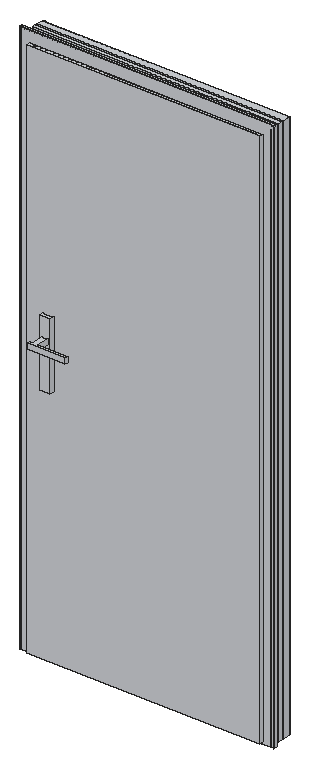
Revit family "ROMA_pojedyncze_pr", category Drzwi, Revit 2016
Family settings
  Obiekt nadrzędny = Ściana
  Zawsze pionowo = Tak
  Tnij formami wycięć po wczytaniu = Nie
  Współdzielony = Nie
  Punkt obliczania pomieszczeń = Nie
Parameters (values of type "PN 80")
  Wysokość = 2075 mm
  Zakończenie ściany = Wg obiektu nadrzędnego
  URL = "www.porta.com.pl"
  Szerokość = 940 mm
  Ss = 868 mm
  Sb = 920 mm
  Producent = "PORTA KMI POLAND"  # constant formula
  Description = ""
  Materiał_skrzydło [instance] = none
  Materiał_ościeżnica [instance] = none
  Materiał_klamka [instance] = none
  Konstrukcja analityczna = "<Brak>"
  Informacja = "Własność Porta KMI Poland, wszelkie prawa zastrzeżone."  # constant formula
  Hs = 2030 mm
  Funkcja = Wewnętrzna
Types (3, lengths in mm): name | Szerokość | Ss | Sb
  PN 80 | 940 | 868 | 920
  PN 90 | 1040 | 968 | 1020
  PN 100 | 1140 | 1068 | 1120
Reference planes
  plane 1: y = 0
  plane 2 "Środek (Lewa/Prawa)": x = 0
  plane 3 "Lewy": x = -470
  plane 4 "Prawy": x = 470
  plane 5: z = 2075
  plane 6 "Zewnętrzna": y = 75
  plane 7 "Wewnętrzna": y = -75
  plane 8 "skrzydło": y = -45
Forms (mm)
  Sweep 1, solid, material <- "Materiał_ościeżnica"
    path in 3D
      loop
        line (-470, -75, 0) -> (-470, -75, 2075) -> (470, -75, 2075) -> (470, -75, 0)
    profile origin (-470, -75, 1037.5) x (0, -1, 0) y (1, 0, 0)
      loop
        arc (10, 42.5) -> (9.268, 44.268) -> (7.5, 45) r 2.5
        line (7.5, 45) -> (-32, 45) -> (-32, 60) -> (-78.5, 60)
        arc (-78.5, 60) -> (-80.621, 59.121) -> (-81.5, 57) r 3
        line (-81.5, 57) -> (-81.5, 13)
        arc (-81.5, 13) -> (-80.621, 10.879) -> (-78.5, 10) r 3
        line (-78.5, 10) -> (-52.5, 10) -> (-52.5, 18) -> (-42.5, 18) -> (-42.5, 10) -> (-30.5, 10) -> (-30.5, 18) -> (-20.5, 18) -> (-20.5, 10) -> (8.5, 10) -> (8.5, -2.5)
        arc (8.5, -2.5) -> (8.207, -3.207) -> (7.5, -3.5) r 1
        line (7.5, -3.5) -> (0, -3.5) -> (0, -5) -> (7.5, -5)
        arc (7.5, -5) -> (9.268, -4.268) -> (10, -2.5) r 2.5
        line (10, -2.5) -> (10, 42.5)
Lines and regions (mm)
  Opening 1
    outline origin (-3050, -75, 0) x (1, 0, 0) y (0, 0, 1)
      loop
        line (2580, 0) -> (3520, 0) -> (3520, 2075) -> (2580, 2075) -> (2580, 0)
  symbolic lines, style "DoorsPanelProjection"
    curve 1: line (434, -75, 0) -> (434, -943, 0)
    curve 2: line (434, -943, 0) -> (378, -943, 0)
    curve 3: line (378, -943, 0) -> (378, -75, 0)
    curve 4: line (378, -75, 0) -> (434, -75, 0)
  symbolic lines, style "Plan Swing"
    curve 5: arc (-434, -75, 0) -> (-179.769, -688.769, 0) -> (434, -943, 0) r 868
  sketch lines
    curve 6: line (-470, -75, 0) -> (-470, -75, 2075)
    curve 7: line (-470, -75, 2075) -> (470, -75, 2075)
    curve 8: line (470, -75, 2075) -> (470, -75, 0)
Text (mm)
  text "Zewnętrzna" at (-2295.016, 1099.543, 0), in view "Poziom odniesienia"
  text "Zewnętrzna" at (0, 1615.38, 3698.081), in view "Lewy"
  text "Zewnętrzna" at (0, 1036.032, 3874.932), in view "Prawy"
Dimensions and locks
  equal spacing: plane 3 "Lewy", plane 2 "Środek (Lewa/Prawa)", plane 4 "Prawy"
  "Szerokość": plane 3 "Lewy" to plane 4 "Prawy"
  "Wysokość": plane 5 to host wall
  host wall to plane 5 = 2075 mm  (x2)
  locked: plane 6 "Zewnętrzna" to host wall at 0
  locked: plane 7 "Wewnętrzna" to host wall
  "Ss": curve 2 to plane 7 "Wewnętrzna"
  locked: curve 3 to curve 1 at 56
  equal spacing: curve 5, plane 2 "Środek (Lewa/Prawa)", curve 1
  locked: plane 7 "Wewnętrzna" to plane 8 "skrzydło" at 30
  equal spacing: nested 1, plane 2 "Środek (Lewa/Prawa)", nested 1
  locked: nested 1 to level at 8
  "Sb": Sweep 1 to Sweep 1
  aligned and locked: plane 3 "Lewy" to Opening 1 sketch curve
  aligned and locked: plane 5 to Opening 1 sketch curve  (x2)
  aligned and locked: Opening 1 sketch curve to plane 4 "Prawy"
  aligned and locked: Opening 1 sketch curve to level
  aligned and locked: plane 1 to host wall
  aligned and locked: plane 8 "skrzydło" to nested 1
Automatic sketch dimensions
  curve 3 to host wall = 0 mm
  curve 5 to host wall = 0 mm
  Sweep 1 sketch curve to Sweep 1 sketch curve = 0 mm  (x4)
  profile plane to Sweep 1 sketch curve = 81.5 mm
  Sweep 1 sketch curve to Sweep 1 sketch curve = 3 mm  (x2)
  Sweep 1 sketch curve to Sweep 1 sketch curve = 26 mm
  Sweep 1 sketch curve to Sweep 1 sketch curve = 10 mm  (x2)
  Sweep 1 sketch curve to Sweep 1 sketch curve = 10.5 mm
  Sweep 1 sketch curve to Sweep 1 sketch curve = 12 mm
  Sweep 1 sketch curve to Sweep 1 sketch curve = 20.5 mm
  Sweep 1 sketch curve to Sweep 1 sketch curve = 7.5 mm
  Sweep 1 sketch curve to Sweep 1 sketch curve = 28 mm
  Sweep 1 sketch curve to Sweep 1 sketch curve = 1 mm
  Sweep 1 sketch curve to Sweep 1 sketch curve = 2.5 mm
  Sweep 1 sketch curve to profile plane = 5 mm
  Sweep 1 sketch curve to Sweep 1 sketch curve = 13.5 mm
  Sweep 1 sketch curve to Sweep 1 sketch curve = 12.5 mm
  Sweep 1 sketch curve to Sweep 1 sketch curve = 8 mm  (x2)
  Sweep 1 sketch curve to Sweep 1 sketch curve = 32.5 mm
  Sweep 1 sketch curve to Sweep 1 sketch curve = 44 mm
Nested families
  nested 1: "ROMA Premium" at (0, -51.5, 0), Materiał_skrzydło_płyta <- "Materiał_skrzydło", Materiał_klamka <- "Materiał_klamka", type "ROMA Premium"
    with Materiał_skrzydło_płyta none, Materiał_klamka none, Ss 868 mm
Definition of nested family "ROMA Premium"
  Parameters
    Ss = 968 mm
    Materiał_skrzydło_płyta [instance] = none
    Materiał_klamka [instance] = none
    Assembly Code = ""
    Hs = 2030 mm
  Reference planes
    plane 1 "Tył": y = 6.5
    plane 2: z = 0
    plane 3 "Środek (Lewa/Prawa)": x = 0
    plane 4 "Lewa": x = -484
    plane 5 "Prawa": x = 484
    plane 6 "Przód": y = -49.5
    plane 7: z = 2038
    plane 8: x = -471
    plane 9: z = 8
    plane 10: x = 471
    plane 11: z = 2025
  Forms (mm)
    Extrusion 1, solid, material <- "Materiał_skrzydło_płyta"
      sketch origin (0, 6.5, 0) x (1, 0, 0) y (0, 0, 1)
        loop
          line (-471, 2025) -> (-471, 8) -> (471, 8) -> (471, 2025) -> (-471, 2025)
      from 0 to 42
    Extrusion 2, solid, material <- "Materiał_skrzydło_płyta"
      sketch origin (0, -49.5, 0) x (-1, 0, 0) y (0, 0, 1)
        loop
          line (484, 2038) -> (-484, 2038) -> (-484, 8) -> (484, 8) -> (484, 2038)
      from 0 to 14
  Lines and regions (mm)
    symbolic lines
      curve 1: line (484, -20, 8) -> (-484, -20, 8)
      curve 2: line (484, -20, 2038) -> (484, -20, 8)
      curve 3: line (-484, -20, 8) -> (-484, -20, 2038)
      curve 4: line (-484, -20, 2038) -> (484, -20, 2038)
  Dimensions and locks
    equal spacing: plane 4 "Lewa", plane 3 "Środek (Lewa/Prawa)", plane 5 "Prawa"
    "Ss": plane 4 "Lewa" to plane 5 "Prawa"
    locked: plane 4 "Lewa" to plane 8 at 13
    locked: plane 9 to level at 8
    "Hs": plane 7 to plane 9
    locked: plane 5 "Prawa" to plane 10 at 13
    locked: plane 8 to nested 1 at 45
    locked: nested 1 to plane 9 at 905
    locked: nested 3 to Extrusion 1 at 45
    locked: plane 9 to nested 3 at 905
    locked: plane 1 "Tył" to plane 6 "Przód" at 56
    locked: plane 7 to plane 11 at 13
    aligned and locked: plane 8 to Extrusion 1 sketch curve
    aligned and locked: Extrusion 1 sketch curve to plane 10
    aligned and locked: plane 9 to Extrusion 1 sketch curve
    aligned and locked: Extrusion 2 sketch curve to plane 9
    aligned and locked: Extrusion 2 sketch curve to plane 7
    aligned and locked: Extrusion 2 to Extrusion 1
    aligned and locked: nested 1 to plane 6 "Przód"
    aligned and locked: Extrusion 2 sketch curve to plane 5 "Prawa"
    aligned and locked: Extrusion 2 sketch curve to plane 4 "Lewa"
    aligned and locked: curve 1 to Extrusion 2
    aligned and locked: curve 2 to Extrusion 2
    aligned and locked: curve 3 to Extrusion 2
    aligned and locked: curve 4 to Extrusion 2
    aligned and locked: plane 3 "Środek (Lewa/Prawa)" to nested 2
    aligned and locked: plane 11 to Extrusion 1 sketch curve
  Automatic sketch dimensions
    curve 2 to plane 5 "Prawa" = 0 mm
    curve 1 to plane 4 "Lewa" = 0 mm
    curve 1 to plane 9 = 0 mm
  Nested families
    nested 1: "KLAMKA" at (-406, -49.5, 1038), Materiał klamki <- "Materiał_klamka", type "KLAMKA"
      with Materiał klamki none
    nested 2: "logo_porta" at (0, 6.5, 110) x (1, 0, 0) z (0, -1, 0), type "logo_porta"
    nested 3: "KLAMKA" at (-406, 6.5, 1038), Materiał klamki <- "Materiał_klamka", type "KLAMKA"
      with Materiał klamki none
  Definition of nested family "KLAMKA"
    Parameters
      Materiał klamki [instance] = none
      Assembly Code = ""
      Default Elevation = 1219.2 mm
    Reference planes
      plane 1 "Center (Front/Back)": y = 0
      plane 2: z = 0
      plane 3 "Center (Left/Right)": x = 0
      plane 4: z = 125
      plane 5: z = -125
      plane 6: x = 20
      plane 7: x = -20
      plane 8: y = -70
      plane 9: y = -60
      plane 10: x = 10
      plane 11: x = -10
      plane 12: x = 120
      plane 13: z = 35
      plane 14: z = 55
      plane 15: y = -15
    Forms (mm)
      Extrusion 1, solid, material <- "Materiał klamki"
        sketch origin (0, 0, 0) x (1, 0, 0) y (0, 0, 1)
          loop
            line (-20, 125) -> (-20, -125) -> (20, -125) -> (20, 125) -> (-20, 125)
        from 0 to 15
      Extrusion 2, solid, material <- "Materiał klamki"
        sketch origin (0, 0, 0) x (1, 0, 0) y (0, 1, 0)
          loop
            line (-10, -15) -> (-10, -60) -> (-20, -60) -> (-20, -70) -> (120, -70) -> (120, -60) -> (10, -60) -> (10, -15) -> (-10, -15)
        from 35 to 55
    Dimensions and locks
      equal spacing: plane 4, plane 2, plane 5
      plane 4 to plane 5 = 250 mm
      equal spacing: plane 7, plane 3 "Center (Left/Right)", plane 6
      plane 7 to plane 6 = 40 mm
      plane 8 to plane 1 "Center (Front/Back)" = 70 mm
      plane 11 to plane 3 "Center (Left/Right)" to plane 10 = 10 mm locked, 10 mm locked
      plane 7 to plane 12 = 140 mm
      plane 15 to plane 1 "Center (Front/Back)" = 15 mm
      aligned and locked: plane 7 to Extrusion 1 sketch curve
      aligned and locked: Extrusion 1 sketch curve to plane 4
      aligned and locked: plane 5 to Extrusion 1 sketch curve
      aligned and locked: Extrusion 1 sketch curve to plane 6
      aligned and locked: plane 15 to Extrusion 1
      aligned and locked: Extrusion 1 to plane 1 "Center (Front/Back)"
      aligned and locked: plane 14 to Extrusion 2
      aligned and locked: Extrusion 2 to plane 13
    Automatic sketch dimensions
      Extrusion 2 sketch curve to plane 7 = 0 mm
      Extrusion 2 sketch curve to plane 9 = 0 mm  (x2)
      Extrusion 2 sketch curve to plane 11 = 0 mm
      Extrusion 2 sketch curve to plane 10 = 0 mm
      Extrusion 2 sketch curve to plane 12 = 0 mm
      Extrusion 2 sketch curve to plane 8 = 0 mm
      Extrusion 2 sketch curve to plane 15 = 0 mm
  Definition of nested family "logo_porta"
    Reference planes
      plane 1 "Środek (Przód/Tył)": y = 0
      plane 2: z = 0
      plane 3 "Środek (Lewa/Prawa)": x = 0
